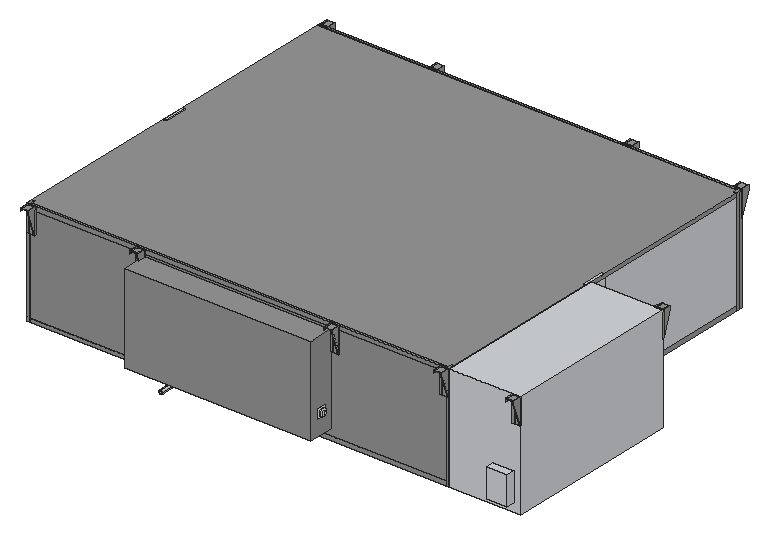
Revit family "НЕВАТОМ_Neiva 2 подвесная CX-Е-R 3000, Версия 2", category Оборудование, Revit 2017
Family settings
  Размер круглого соединителя = Использовать диаметр
  Тип детали = Нормальный
  На основе рабочей плоскости = Да
  Всегда вертикально = Нет
  При загрузке вырезать с полостями = Нет
  Общий = Нет
  Точка расчета площади = Нет
Parameters (values of type "СX-3000-E-R")
  а1 = 80 mm
  а = 577 mm
  Default Elevation = 0 mm
  m = 271 mm
  l1 = 900 mm
  l штуцер = 125 mm
  l двигателя = 350 mm
  l = 571 mm
  k = 20 mm
  h4 = 60 mm
  h3 = 346 mm
  h двигателя = 516 mm
  h = 30 mm
  d штуцер = 18 mm
  b1 = 122.962 mm
  b двигателя = 860 mm
  Nevatom_Производительность = "2000-4000 м³/ч"
  Nevatom_Напорная характеристика, Р1 = 900.0 Pa
  Nevatom_Напорная характеристика, P = 0.0 Pa
  Nevatom_Мощность нагревателя = 247500 W
  Nevatom_Для задания электроснабжения = "380 В"
  Nevatom_URL = "https://t.me/NEVATOM_Bim_bot"
  Nevatom_Q1, м³/ч = 3100.0 m³/h
  Nevatom_Q, м³/ч = 1100.0 m³/h
  L = 2045 mm
  H1 = 512 mm
  D PG 16 [instance] = 32 mm
  D PG 11 [instance] = 22 mm
  B = 1772 mm
  ADSK_материал = материал курпуса
  ADSK_Ток = 1.86 A
  ADSK_Расход жидкости = 0.0 m³/h
  ADSK_Расход воздуха = 0.0 m³/h
  ADSK_Размер_Ширина = B  # 1772 mm
  ADSK_Размер_Длина = L  # 2045 mm
  ADSK_Размер_Высота = 512 mm
  ADSK_Примечание = ""
  ADSK_Потеря давления воздуха = 0.0 Pa
  ADSK_Полная мощность = ADSK_Номинальная мощность / ADSK_Коэффициент мощности  # 1425 VA
  ADSK_Номинальная мощность = 1140 W
  ADSK_Напряжение = 400 V
  ADSK_Наименование = "СX-3000-E-R"
  ADSK_Масса = 285
  ADSK_Марка = "СX-3000-E-R"
  ADSK_Коэффициент мощности = 0.8  # constant formula
  ADSK_Количество фаз = 3
  ADSK_Количество = 1  # constant formula
  ADSK_Код изделия = ""
  ADSK_Классификация нагрузок = Двигатель
  ADSK_Завод-изготовитель = "НЕВАТОМ"  # constant formula
  ADSK_Единица измерения = "шт."
  ADSK_URL документации изделия = ""
  A6 = 420 mm
  A1 = 800 mm
Reference planes
  plane 1 "По центру (Вперед/Назад)": y = 0
  plane 2: z = 0
  plane 3 "По центру (Влево/Вправо)": x = 0
  plane 4: y = 886
  plane 5: y = -886
  plane 6: z = 512
  plane 7: x = 451.5
  plane 8: x = -448.5
  plane 9: z = 482
  plane 10: z = 20
  plane 11: z = 440
  plane 12: z = 136
  plane 13: z = -40
  plane 14: z = 476
  plane 15: y = -26
  plane 16: z = 462
  plane 17: y = -1008.962
  plane 18: y = -56
  plane 19: y = 56
  plane 20: y = -856
  plane 21: y = 856
  plane 22: x = 1372.5
Forms (mm)
  Extrusion 1, solid, material "материал курпуса" <- "ADSK_материал"
    sketch origin (0, 0, 0) x (-1, 0, 0) y (0, -1, 0)
      loop
        line (-1022.5, -886) -> (1022.5, -886) -> (1022.5, 886) -> (-1022.5, 886) -> (-1022.5, -886)
    from 0 to 20
  Extrusion 2, solid, material "материал курпуса" <- "ADSK_материал"
    sketch origin (0, 0, 0) x (-1, 0, 0) y (0, -1, 0)
      loop
        line (-448.5, 886) -> (451.5, 886) -> (451.5, 1008.962) -> (-448.5, 1008.962) -> (-448.5, 886)
    from 50 to 482
  Extrusion 3, solid, material "материал курпуса" <- "ADSK_материал"
    sketch origin (-1.306, 0, 283.026) x (-1, 0, 0) y (0, -1, 0)
      loop
        line (-1023.806, -886) -> (1021.194, -886) -> (1021.194, 886) -> (-1023.806, 886) -> (-1023.806, -886)
    from 208.974 to 228.974
  Extrusion 4, solid, material "материал курпуса" <- "ADSK_материал"
    sketch origin (0, -325, 0) x (-1, 0, 0) y (0, -1, 0)
      loop
        line (-1022.5, -1211) -> (1022.5, -1211) -> (1022.5, -1201) -> (-1022.5, -1201) -> (-1022.5, -1211)
    from 0 to 512
  Extrusion 5, solid, material "материал курпуса" <- "ADSK_материал"
    sketch origin (0, -1228.795, 0) x (-1, 0, 0) y (0, -1, 0)
      loop
        line (-1022.5, -352.795) -> (1022.5, -352.795) -> (1022.5, -342.795) -> (-1022.5, -342.795) -> (-1022.5, -352.795)
    from 0 to 512
  Extrusion 6, solid, material "материал курпуса" <- "ADSK_материал"
    sketch origin (0, -970, 0) x (0, 1, 0) y (0, 0, -1)
      loop
        line (114, -512) -> (114, 0) -> (84, 0) -> (84, -512) -> (114, -512)
    from 1010.934 to 1022.5
  Extrusion 7, solid, material "материал курпуса" <- "ADSK_материал"
    sketch origin (1425, 0, 0) x (0, 1, 0) y (0, 0, -1)
      loop
        line (886, -512) -> (886, 0) -> (856, 0) -> (856, -512) -> (886, -512)
    from 402.5 to 414.066
  Extrusion 8, solid, material "материал курпуса" <- "ADSK_материал"
    sketch origin (1425, -1046.075, 0) x (0, 1, 0) y (0, 0, -1)
      loop
        line (190.075, -512) -> (190.075, 0) -> (160.075, 0) -> (160.075, -512) -> (190.075, -512)
    from 402.5 to 414.066
  Extrusion 9, solid
    sketch origin (0, 0, 0) x (0, 1, 0) y (0, 0, -1)
      loop
        line (56, 0) -> (-56, 0) -> (-56, -512) -> (56, -512) -> (56, 0)
    from 1010.934 to 1022.5
  Extrusion 10, solid
    sketch origin (1350, 0, 0) x (0, 1, 0) y (0, 0, -1)
      loop
        line (56, 0) -> (-56, 0) -> (-56, -512) -> (56, -512) -> (56, 0)
    from 327.5 to 339.066
  Extrusion 11, solid
    sketch origin (0, 0, 0) x (-1, 0, 0) y (0, -1, 0)
      loop
        line (-1372.5, 26) -> (-1022.5, 26) -> (-1022.5, 886) -> (-1372.5, 886) -> (-1372.5, 26)
    from 0 to 512
  Extrusion 12, solid
    sketch origin (0, 0, 0) x (-1, 0, 0) y (0, -1, 0)
      loop
        line (1002.715, -856) -> (1022.5, -856) -> (1022.5, -56) -> (1002.715, -56) -> (1002.715, -856)
    from 20 to 492
  Extrusion 13, solid
    sketch origin (0, 0, 0) x (1, 0, 0) y (0, 1, 0)
      loop
        line (1002.715, 856) -> (1002.715, 56) -> (1022.5, 56) -> (1022.5, 856) -> (1002.715, 856)
    from 20 to 492
  Extrusion 14, solid
    sketch origin (0, 0, 0) x (-1, 0, 0) y (0, -1, 0)
      loop
        line (1002.715, 856) -> (1002.715, 56) -> (1022.5, 56) -> (1022.5, 856) -> (1002.715, 856)
    from 20 to 492
  Extrusion 15, solid
    sketch origin (0, 0, 0) x (1, 0, 0) y (0, 1, 0)
      loop
        line (1002.715, -856) -> (1022.5, -856) -> (1022.5, -56) -> (1002.715, -56) -> (1002.715, -856)
    from 20 to 342
  Extrusion 16, solid
    sketch origin (0, 0, 0) x (-1, 0, 0) y (0, 0, -1)
      loop
        line (-1337.04, -179.031) -> (-1237.04, -179.031) -> (-1237.04, -39.031) -> (-1337.04, -39.031) -> (-1337.04, -179.031)
    from 886 to 928
Lines and regions (mm)
  reference lines
    curve 1: line (1524.916, -456.002, 0) -> (464.25, -456.002, 0)
    curve 2: line (464.25, -456.002, 0) -> (-448.5, 456.748, 0)
    curve 3: line (-448.5, 456.748, 0) -> (-1252.5, 456.748, 0)
    curve 4: line (-1235.916, -456.002, 0) -> (-461.25, -456.002, 0)
    curve 5: line (-461.25, -456.002, 0) -> (451.5, 456.748, 0)
    curve 6: line (451.5, 456.748, 0) -> (1461.5, 456.748, 0)
    curve 7: line (0, -856, 510) -> (0, -856, 512)
    curve 8: line (1524.916, -456.002, 0) -> (1471.883, -509.035, 0)
    curve 9: line (1524.916, -456.002, 0) -> (1471.883, -402.969, 0)
    curve 10: line (-1252.5, 456.748, 0) -> (-1305.533, 403.715, 0)
    curve 11: line (-1252.5, 456.748, 0) -> (-1305.533, 509.781, 0)
    curve 12: line (1461.5, 456.748, 0) -> (1514.533, 403.715, 0)
    curve 13: line (1461.5, 456.748, 0) -> (1514.533, 509.781, 0)
    curve 14: line (-1235.916, -456.002, 0) -> (-1182.883, -509.035, 0)
    curve 15: line (-1235.916, -456.002, 0) -> (-1182.883, -402.969, 0)
Dimensions and locks
  equal spacing: plane 4, plane 1 "По центру (Вперед/Назад)", plane 5
  "B": plane 4 to plane 5
  "H1": plane 6 to level
  "A6": plane 10 to plane 11
  "h": plane 6 to plane 9
  "h3": plane 9 to plane 12
  "h4": plane 10 to plane 13
  "h двигателя": plane 14 to plane 13
  plane 9 to plane 16 = 20 mm
  "b двигателя": plane 15 to plane 5
  locked: Extrusion 4 to Extrusion 4 at 10
  locked: Extrusion 5 to Extrusion 5 at 10
  locked: plane 20 to Extrusion 5 at 30
  locked: Extrusion 6 to Extrusion 6 at 11.566
  locked: Extrusion 7 to Extrusion 7 at 11.566
  locked: Extrusion 8 to Extrusion 8 at 11.566
  locked: Extrusion 9 to Extrusion 9 at 11.566
  locked: Extrusion 10 to Extrusion 10 at 11.566
  "A1": plane 19 to plane 21
  "A1": plane 18 to plane 20
  locked: Extrusion 2 to nested 4 at 46.939
  locked: Extrusion 2 to nested 5 at 48.439
  locked: Extrusion 2 to nested 6 at 48.439
  locked: Extrusion 2 to nested 7 at 48.439
  locked: Extrusion 2 to nested 8 at 48.439
  locked: Extrusion 2 to nested 9 at 48.439
  locked: plane 17 to nested 10 at 48.439
  Extrusion 12 sketch curve to Extrusion 12 sketch curve = 19.785 mm
  locked: Extrusion 12 to Extrusion 12 at 19.785
  Extrusion 13 sketch curve to Extrusion 13 sketch curve = 19.785 mm
  locked: Extrusion 13 to Extrusion 13 at 19.785
  Extrusion 14 sketch curve to Extrusion 14 sketch curve = 19.785 mm
  locked: Extrusion 14 to Extrusion 14 at 19.785
  Extrusion 15 sketch curve to Extrusion 15 sketch curve = 19.785 mm
  locked: Extrusion 15 to Extrusion 15 at 19.785
  locked: Extrusion 16 to Extrusion 11 at 42
  aligned and locked: level to plane 2
  aligned and locked: Extrusion 2 sketch curve to plane 17
  aligned and locked: plane 20 to Extrusion 6
  aligned and locked: plane 20 to Extrusion 8
  aligned and locked: level to Extrusion 9 sketch curve
  aligned and locked: level to Extrusion 10
  aligned and locked: Extrusion 11 sketch curve to plane 22
  aligned and locked: plane 22 to nested 16  (x2)
  aligned and locked: nested 17 to plane 22
  aligned and locked: Extrusion 12 to plane 19
  aligned and locked: plane 21 to Extrusion 12
Automatic sketch dimensions
  curve 7 to plane 6 = 0 mm
  curve 7 to plane 20 = 0 mm
  curve 7 to plane 6 = 2 mm
  Extrusion 1 sketch curve to plane 5 = 0 mm
  Extrusion 1 sketch curve to plane 4 = 0 mm
  Extrusion 1 sketch curve to plane 22 = 350 mm
  plane 8 to Extrusion 1 sketch curve = 574 mm
  Extrusion 2 sketch curve to plane 5 = 0 mm
  plane 7 to Extrusion 2 sketch curve = 3 mm
  plane 8 to Extrusion 2 sketch curve = 3 mm
  Extrusion 3 sketch curve to plane 5 = 0 mm
  Extrusion 3 sketch curve to plane 4 = 0 mm
  plane 22 to Extrusion 3 sketch curve = 350 mm
  Extrusion 3 sketch curve to plane 8 = 574 mm
  Extrusion 4 sketch curve to plane 4 = 0 mm
  Extrusion 4 sketch curve to plane 4 = 10 mm
  plane 22 to Extrusion 4 sketch curve = 350 mm
  Extrusion 4 sketch curve to plane 8 = 574 mm
  Extrusion 5 sketch curve to plane 5 = 0 mm
  plane 22 to Extrusion 5 sketch curve = 350 mm
  Extrusion 5 sketch curve to plane 8 = 574 mm
  Extrusion 5 sketch curve to Extrusion 5 sketch curve = 10 mm
  Extrusion 6 sketch curve to plane 5 = 0 mm
  Extrusion 6 sketch curve to level = 0 mm
  Extrusion 6 sketch curve to plane 20 = 0 mm
  Extrusion 6 sketch curve to plane 6 = 0 mm
  Extrusion 7 sketch curve to plane 6 = 0 mm
  Extrusion 7 sketch curve to plane 21 = 0 mm
  Extrusion 7 sketch curve to level = 0 mm
  Extrusion 7 sketch curve to plane 4 = 0 mm
  Extrusion 8 sketch curve to plane 5 = 0 mm
  Extrusion 8 sketch curve to level = 0 mm
  Extrusion 8 sketch curve to plane 20 = 0 mm
  Extrusion 8 sketch curve to plane 6 = 0 mm
  Extrusion 9 sketch curve to plane 18 = 0 mm
  Extrusion 9 sketch curve to plane 6 = 0 mm
  Extrusion 9 sketch curve to plane 19 = 0 mm
  Extrusion 10 sketch curve to level = 0 mm
  Extrusion 10 sketch curve to plane 18 = 0 mm
  Extrusion 10 sketch curve to plane 6 = 0 mm
  Extrusion 10 sketch curve to plane 19 = 0 mm
  Extrusion 11 sketch curve to plane 5 = 0 mm
  Extrusion 11 sketch curve to plane 15 = 0 mm
  Extrusion 11 sketch curve to Extrusion 11 sketch curve = 350 mm
  plane 19 to Extrusion 12 sketch curve = 0 mm
  plane 21 to Extrusion 12 sketch curve = 0 mm
  plane 8 to Extrusion 12 sketch curve = 554.215 mm
  plane 19 to Extrusion 13 sketch curve = 0 mm
  plane 21 to Extrusion 13 sketch curve = 0 mm
  plane 22 to Extrusion 13 sketch curve = 369.785 mm
  plane 18 to Extrusion 14 sketch curve = 0 mm
  plane 20 to Extrusion 14 sketch curve = 0 mm
  Extrusion 14 sketch curve to plane 8 = 554.215 mm
  plane 18 to Extrusion 15 sketch curve = 0 mm
  plane 20 to Extrusion 15 sketch curve = 0 mm
  Extrusion 15 sketch curve to plane 22 = 369.785 mm
  Extrusion 16 sketch curve to plane 22 = 35.46 mm
  plane 10 to Extrusion 16 sketch curve = 19.031 mm
  Extrusion 16 sketch curve to Extrusion 16 sketch curve = 100 mm
  Extrusion 16 sketch curve to plane 12 = 43.031 mm
  curve 2 to plane 8 = 0 mm
  curve 4 to plane 8 = 12.75 mm
  curve 6 to plane 7 = 0 mm
  curve 14 to curve 4 = 774.666 mm
  plane 21 to curve 3 = 399.252 mm
  curve 3 to curve 2 = 804 mm
  plane 7 to curve 2 = 12.75 mm
  curve 8 to plane 22 = 152.416 mm
  curve 6 to plane 22 = 89 mm
  curve 8 to plane 20 = 399.998 mm
  curve 5 to plane 20 = 399.998 mm
  plane 21 to curve 12 = 399.252 mm
  curve 4 to curve 15 = 53.033 mm  (x2)
  curve 4 to curve 14 = 53.033 mm
  curve 10 to plane 19 = 347.715 mm
  curve 10 to curve 3 = 53.033 mm
  plane 21 to curve 11 = 346.219 mm
  curve 8 to curve 1 = 53.033 mm
  curve 9 to curve 1 = 53.033 mm
  curve 6 to curve 12 = 53.033 mm
  curve 12 to curve 6 = 53.033 mm
  curve 1 to curve 9 = 53.033 mm
  curve 13 to curve 13 = 53.033 mm
Nested families
  nested 1: "NEVATOM_кронштейн" at (-1003.344, -905.399, 385.206) x (-1, 0, 0) z (0, 0, 1), type "NEVATOM_кронштейн"
  nested 2: "NEVATOM_кронштейн" at (999.656, 905.399, 385.206) x (-1, 0, 0) z (0, 0, 1), type "NEVATOM_кронштейн"
  nested 3: "NEVATOM_кронштейн" at (-1003.344, 905.399, 385.206) x (-1, 0, 0) z (0, 0, 1), type "NEVATOM_кронштейн"
  nested 4: "NEVATOM_кабельный ввод PG" at (334.5, -946.023, 50) x (-1, 0, 0) z (0, 0, -1), D <- "D PG 16", type "Кабельный ввод PG"
    with h 22.4 mm, d 16 mm, D 32 mm
  nested 5: "NEVATOM_кабельный ввод PG" at (303, -949.523, 50) x (-1, 0, 0) z (0, 0, -1), D <- "D PG 11", type "Кабельный ввод PG"
    with h 15.4 mm, d 11 mm, D 22 mm
  nested 6: "NEVATOM_кабельный ввод PG" at (274.605, -949.523, 50) x (-1, 0, 0) z (0, 0, -1), D <- "D PG 11", type "Кабельный ввод PG"
    with h 15.4 mm, d 11 mm, D 22 mm
  nested 7: "NEVATOM_кабельный ввод PG" at (246.211, -949.523, 50) x (-1, 0, 0) z (0, 0, -1), D <- "D PG 11", type "Кабельный ввод PG"
    with h 15.4 mm, d 11 mm, D 22 mm
  nested 8: "NEVATOM_кабельный ввод PG" at (217.816, -949.523, 50) x (-1, 0, 0) z (0, 0, -1), D <- "D PG 11", type "Кабельный ввод PG"
    with h 15.4 mm, d 11 mm, D 22 mm
  nested 9: "NEVATOM_кабельный ввод PG" at (189.421, -949.523, 50) x (-1, 0, 0) z (0, 0, -1), D <- "D PG 11", type "Кабельный ввод PG"
    with h 15.4 mm, d 11 mm, D 22 mm
  nested 10: "NEVATOM_кабельный ввод PG" at (161.027, -949.523, 50) x (-1, 0, 0) z (0, 0, -1), D <- "D PG 11", type "Кабельный ввод PG"
    with h 15.4 mm, d 11 mm, D 22 mm
  nested 11: "NEVATOM_кронштейн" at (467.656, -905.399, 385.206) x (-1, 0, 0) z (0, 0, 1), type "NEVATOM_кронштейн"
  nested 12: "NEVATOM_кронштейн" at (-474.344, 905.399, 385.206) x (-1, 0, 0) z (0, 0, 1), type "NEVATOM_кронштейн"
  nested 13: "NEVATOM_кронштейн" at (999.656, -905.399, 385.206) x (-1, 0, 0) z (0, 0, 1), type "NEVATOM_кронштейн"
  nested 14: "NEVATOM_кронштейн" at (-474.344, -905.399, 385.206) x (-1, 0, 0) z (0, 0, 1), type "NEVATOM_кронштейн"
  nested 15: "NEVATOM_кронштейн" at (467.656, 905.399, 385.206) x (-1, 0, 0) z (0, 0, 1), type "NEVATOM_кронштейн"
  nested 16: "NEVATOM_кронштейн" at (1349.656, -905.399, 385.206) x (-1, 0, 0) z (0, 0, 1), type "NEVATOM_кронштейн"
  nested 17: "NEVATOM_кронштейн" at (1349.656, -6.601, 385.206) x (-1, 0, 0) z (0, 0, 1), type "NEVATOM_кронштейн"
  nested 18: "NEVATOM_штуцер" at (-274, -886, 10) x (1, 0, 0) z (0, -1, 0), type "NEVATOM_штуцер"
    with d 18 mm
  nested 19: "NEVATOM_кабельный ввод PG" at (379.5, -946.023, 50) x (-1, 0, 0) z (0, 0, -1), D <- "D PG 16", type "Кабельный ввод PG"
    with h 22.4 mm, d 16 mm, D 32 mm
  nested 20: "NEVATOM_выключатель пластик" at (443.5, -948, 152) x (0, 1, 0) z (1, 0, 0), type "NEVATOM_выключатель пластик"
Connectors
  hvac at (-1022.5, -456, 256), driven by "A6", driven by "A1", driven by "ADSK_Расход воздуха"
    settings: on Extrusion 14, index 16, duct flow 0.0 m³/h, flow factor 0, pres drop 0.0 Pa, loss coef 0, conn angle 0.00°, conn width 800 mm, conn height 420 mm, conn diameter 609.6 mm, duct sys type 29, conn prof type 1, flow config 0, flow direction 2, loss method 0, conn ref index 18, conn util no, is conn primary yes, conn desc ""
  hvac at (-1022.5, 456, 256), driven by "A6", driven by "A1", driven by "ADSK_Расход воздуха"
    settings: on Extrusion 12, index 17, duct flow 0.0 m³/h, flow factor 0, pres drop 0.0 Pa, loss coef 0, conn angle 0.00°, conn width 800 mm, conn height 420 mm, conn diameter 609.6 mm, duct sys type 29, conn prof type 1, flow config 0, flow direction 1, loss method 0, conn ref index 19, conn util no, is conn primary no, conn desc ""
  hvac at (1022.5, 456, 256), driven by "A6", driven by "A1", driven by "ADSK_Расход воздуха"
    settings: on Extrusion 13, index 18, duct flow 0.0 m³/h, flow factor 0, pres drop 0.0 Pa, loss coef 0, conn angle 0.00°, conn width 800 mm, conn height 420 mm, conn diameter 609.6 mm, duct sys type 3, conn prof type 1, flow config 2, flow direction 1, loss method 0, conn ref index 16, conn util no, is conn primary no, conn desc ""
  hvac at (1372.5, -456, 256), driven by "A6", driven by "A1", driven by "ADSK_Расход воздуха"
    settings: on Extrusion 11, index 19, duct flow 0.0 m³/h, flow factor 0, pres drop 0.0 Pa, loss coef 0, conn angle 0.00°, conn width 800 mm, conn height 420 mm, conn diameter 609.6 mm, duct sys type 1, conn prof type 1, flow config 2, flow direction 2, loss method 0, conn ref index 17, conn util no, is conn primary no, conn desc ""
  piping at (-274, -1011, 10), diameter 18, driven by "d штуцер", driven by "ADSK_Расход жидкости"
    settings: on nested 18, index 20, connector inside diameter 609.6 mm, connector length 0 mm, flow factor 0, pipe flow 0.0 m³/h, pressure drop 0.0 Pa, fitting loss kfactor 0, connector angle 0.00°, fixture units 0, engagement length 0 mm, angle of deflection 0.00°, flow configuration 0, flow direction 0, fitting loss method 0, system type 19, joint type 0, gender type 0, connector reference index -1, connector utility 0, adjustable connector no, is connector primary yes, connector description ""
  electrical at (379.5, -946.023, 50), driven by "ADSK_Количество фаз", driven by "ADSK_Напряжение", driven by "ADSK_Полная мощность", driven by "ADSK_Коэффициент мощности"
    settings: on nested 19, index 21, voltage 400 V, apparent load 0 VA, apparent load phase1 1425 VA, apparent load phase2 0 VA, apparent load phase3 0 VA, power factor 0.8, load classification "Двигатель", number of poles 3, system type 31, power factor state 1, is connector primary yes, connector utility no, sub classification motor no, connector description ""
  electrical at (334.5, -946.023, 50), driven by "ADSK_Количество фаз", driven by "ADSK_Напряжение", driven by "ADSK_Полная мощность", driven by "ADSK_Коэффициент мощности"
    settings: on nested 4, index 22, voltage 400 V, apparent load 0 VA, apparent load phase1 1425 VA, apparent load phase2 0 VA, apparent load phase3 0 VA, power factor 0.8, load classification "Двигатель", number of poles 3, system type 31, power factor state 1, is connector primary no, connector utility no, sub classification motor no, connector description ""
  electrical at (303, -949.523, 50)
    settings: on nested 5, index 23, voltage 0 V, apparent load 0 VA, apparent load phase1 0 VA, apparent load phase2 0 VA, apparent load phase3 0 VA, power factor 1, load classification "Прочее", number of poles 1, system type 5, power factor state 1, is connector primary no, connector utility no, sub classification motor no, connector description ""
  electrical at (274.605, -949.523, 50)
    settings: on nested 6, index 24, voltage 0 V, apparent load 0 VA, apparent load phase1 0 VA, apparent load phase2 0 VA, apparent load phase3 0 VA, power factor 1, load classification "Прочее", number of poles 1, system type 5, power factor state 1, is connector primary no, connector utility no, sub classification motor no, connector description ""
  electrical at (246.211, -949.523, 50)
    settings: on nested 7, index 25, voltage 0 V, apparent load 0 VA, apparent load phase1 0 VA, apparent load phase2 0 VA, apparent load phase3 0 VA, power factor 1, load classification "Прочее", number of poles 1, system type 5, power factor state 1, is connector primary no, connector utility no, sub classification motor no, connector description ""
  electrical at (217.816, -949.523, 50)
    settings: on nested 8, index 26, voltage 0 V, apparent load 0 VA, apparent load phase1 0 VA, apparent load phase2 0 VA, apparent load phase3 0 VA, power factor 1, load classification "Прочее", number of poles 1, system type 5, power factor state 1, is connector primary no, connector utility no, sub classification motor no, connector description ""
  electrical at (189.421, -949.523, 50)
    settings: on nested 9, index 27, voltage 0 V, apparent load 0 VA, apparent load phase1 0 VA, apparent load phase2 0 VA, apparent load phase3 0 VA, power factor 1, load classification "Прочее", number of poles 1, system type 5, power factor state 1, is connector primary no, connector utility no, sub classification motor no, connector description ""
  electrical at (161.027, -949.523, 50)
    settings: on nested 10, index 28, voltage 0 V, apparent load 0 VA, apparent load phase1 0 VA, apparent load phase2 0 VA, apparent load phase3 0 VA, power factor 1, load classification "Прочее", number of poles 1, system type 5, power factor state 1, is connector primary no, connector utility no, sub classification motor no, connector description ""
Definition of nested family "NEVATOM_кронштейн"
  Reference planes
    plane 1 "По центру (Вперед/Назад)": y = 0
    plane 2: z = 0
    plane 3 "По центру (Влево/Вправо)": x = 0
  Forms (mm)
    Extrusion 1, solid
      sketch origin (-545.844, 366.399, 0) x (0, 1, 0) y (0, 0, 1)
        loop
          line (-351.118, 126.794) -> (-389, 126.794) -> (-389, 111.794) -> (-351.118, 3.126) -> (-351.118, 126.794)
      from 523 to 527.712
    Extrusion 2, solid
      sketch origin (-545.844, 301.399, 0) x (1, 0, 0) y (0, 0, 1)
        loop
          line (557.712, 126.794) -> (557.712, 123.742) -> (561.763, 123.742) -> (561.763, 111.794) -> (565, 111.794) -> (565, 126.794) -> (557.712, 126.794)
      from 286.118 to 324
    Extrusion 3, solid
      sketch origin (-545.844, 301.399, 20) x (1, 0, 0) y (0, 0, 1)
        loop
          line (565, -16.874) -> (565, 106.794) -> (553, 106.794) -> (553, -16.874) -> (565, -16.874)
      from 282 to 286.118
    Extrusion 4, solid
      sketch origin (-545.844, 301.399, 20) x (1, 0, 0) y (0, 0, 1)
        loop
          line (565, -16.874) -> (565, 106.794) -> (523, 106.794) -> (523, -16.874) -> (565, -16.874)
      from 282 to 286.118
    Extrusion 5, solid
      sketch origin (-545.844, 301.399, 0) x (1, 0, 0) y (0, 0, 1)
        loop
          line (527.712, 126.794) -> (527.712, 123.742) -> (561.763, 123.742) -> (561.763, 111.794) -> (565, 111.794) -> (565, 126.794) -> (527.712, 126.794)
      from 286.118 to 324
  Dimensions and locks
    aligned and locked: level to plane 2
Definition of nested family "NEVATOM_кабельный ввод PG"
  Parameters (values of type "Кабельный ввод PG")
    Default Elevation = 1219.2 mm
    h [instance] = 0.7 * D  # 21 mm
    d [instance] = 0.5 * D  # 15 mm
    D [instance] = 30 mm
  Reference planes
    plane 1 "По центру (Вперед/Назад)": y = 0
    plane 2: z = 0
    plane 3 "По центру (Влево/Вправо)": x = 0
    plane 4: y = 15
    plane 5: y = -15
    plane 6: x = -15
    plane 7: x = 15
    plane 8: through (0, 0, 1219.2) normal (-0.7071, 0.7071, 0)
    plane 9: through (0, 0, 1219.2) normal (-0.7071, -0.7071, 0)
    plane 10: through (10.607, -10.607, 1219.2) normal (-0.7071, 0.7071, 0)
    plane 11: through (-10.607, 10.607, 1219.2) normal (-0.7071, 0.7071, 0)
    plane 12: through (10.607, 10.607, 1219.2) normal (-0.7071, -0.7071, 0)
    plane 13: through (-10.607, -10.607, 1219.2) normal (-0.7071, -0.7071, 0)
    plane 14: z = 30
    plane 15: z = 21
  Forms (mm)
    Extrusion 1, solid
      sketch origin (0, 0, 0) x (1, 0, 0) y (0, 1, 0)
        loop
          line (-1219.2, 1219.2) -> (-1219.2, -1219.2) -> (1219.2, -1219.2) -> (1219.2, 1219.2) -> (-1219.2, 1219.2)
      from 0 to -304.8
    Extrusion 2, solid
      sketch origin (0, 0, 0) x (1, 0, 0) y (0, 1, 0)
        loop
          line (-6.213, 15) -> (-15, 6.213) -> (-15, -6.213) -> (-6.213, -15) -> (6.213, -15) -> (15, -6.213) -> (15, 6.213) -> (6.213, 15) -> (-6.213, 15)
      from 0 to 21
    Blend 3, solid
      base sketch origin (0, 0, 0) x (1, 0, 0) y (0, 1, 0)
        loop
          circle (0, 0) r 15
      top sketch origin (0, 0, 0) x (1, 0, 0) y (0, 1, 0)
        loop
          circle (0, 0) r 7.5
      from 21 to 30
    Extrusion 4, void
      sketch origin (0, 0, 0) x (1, 0, 0) y (0, 1, 0)
        loop
          circle (0, 0) r 7.5
      from 0 to 30
  Cuts and joins
    Extrusion 4 cuts Extrusion 2
    Extrusion 4 cuts Blend 3
    joined: Extrusion 2, Blend 3
  Dimensions and locks
    equal spacing: plane 6, plane 3 "По центру (Влево/Вправо)", plane 7
    equal spacing: plane 4, plane 1 "По центру (Вперед/Назад)", plane 5
    "D": plane 6 to plane 7
    "D": plane 4 to plane 5
    equal spacing: plane 11, plane 8, plane 10
    "D": plane 11 to plane 10
    equal spacing: plane 12, plane 9, plane 13
    "D": plane 12 to plane 13
    "D": plane 14 to Extrusion 1
    "h": plane 15 to Extrusion 1
    "D": diameter of Blend 3 sketch curve
    "d": diameter of Blend 3 sketch curve
    "d": diameter of Extrusion 4 sketch curve
    aligned and locked: plane 2 to Extrusion 1
    aligned and locked: level to Extrusion 1
    aligned and locked: Extrusion 2 sketch curve to plane 4
    aligned and locked: Extrusion 2 sketch curve to plane 12
    aligned and locked: plane 7 to Extrusion 2 sketch curve
    aligned and locked: plane 10 to Extrusion 2 sketch curve
    aligned and locked: plane 5 to Extrusion 2 sketch curve
    aligned and locked: plane 13 to Extrusion 2 sketch curve
    aligned and locked: Extrusion 2 sketch curve to plane 6
    aligned and locked: Extrusion 2 sketch curve to plane 11
    aligned and locked: plane 15 to Extrusion 2
    aligned and locked: plane 14 to Blend 3
    aligned and locked: Blend 3 to plane 15
    aligned and locked: plane 14 to Extrusion 4
  Automatic sketch dimensions
    Extrusion 1 sketch curve to Extrusion 1 sketch curve = 2438.4 mm  (x2)
    plane 1 "По центру (Вперед/Назад)" to Blend 3 sketch curve = 0 mm  (x2)
    Blend 3 sketch curve to plane 3 "По центру (Влево/Вправо)" = 0 mm  (x2)
    plane 1 "По центру (Вперед/Назад)" to Extrusion 4 sketch curve = 0 mm
    Extrusion 4 sketch curve to plane 3 "По центру (Влево/Вправо)" = 0 mm
Definition of nested family "NEVATOM_штуцер"
  Parameters (values of type "NEVATOM_штуцер")
    Default Elevation = 1219.2 mm
    h = 125 mm
    d1 = 15 mm
    d [instance] = 18 mm
  Reference planes
    plane 1 "По центру (Вперед/Назад)": y = 0
    plane 2: z = 0
    plane 3 "По центру (Влево/Вправо)": x = 0
    plane 4: z = 125
  Forms (mm)
    Extrusion 1, solid
      sketch origin (0, 0, 0) x (1, 0, 0) y (0, 1, 0)
        loop
          line (-1219.2, 1219.2) -> (-1219.2, -1219.2) -> (1219.2, -1219.2) -> (1219.2, 1219.2) -> (-1219.2, 1219.2)
      from 0 to -304.8
    Extrusion 2, solid
      sketch origin (0, 0, 0) x (1, 0, 0) y (0, 1, 0)
        loop
          circle (0, 0) r 9
        loop
          circle (0, 0) r 7.5
      from 0 to 125
  Dimensions and locks
    "h": plane 4 to level
    "d1": diameter of Extrusion 2 sketch curve
    "d": diameter of Extrusion 2 sketch curve
    aligned and locked: plane 2 to Extrusion 1
    aligned and locked: level to Extrusion 1
    aligned and locked: Extrusion 2 to level
    aligned and locked: plane 4 to Extrusion 2
  Automatic sketch dimensions
    Extrusion 1 sketch curve to Extrusion 1 sketch curve = 2438.4 mm  (x2)
    Extrusion 2 sketch curve to Extrusion 2 sketch curve = 0 mm  (x2)
    plane 1 "По центру (Вперед/Назад)" to Extrusion 2 sketch curve = 0 mm
    Extrusion 2 sketch curve to plane 3 "По центру (Влево/Вправо)" = 0 mm
Definition of nested family "NEVATOM_выключатель пластик"
  Parameters (values of type "NEVATOM_выключатель пластик")
    Default Elevation = 1219.2 mm
    h = 18 mm
    b = 44 mm
    a = 44 mm
  Reference planes
    plane 1 "По центру (Вперед/Назад)": y = 0
    plane 2: z = 0
    plane 3 "По центру (Влево/Вправо)": x = 0
    plane 4: x = -22
    plane 5: x = 22
    plane 6: y = -22
    plane 7: y = 22
    plane 8: z = 18
  Forms (mm)
    Extrusion 1, solid
      sketch origin (0, 0, 0) x (1, 0, 0) y (0, 1, 0)
        loop
          line (-22, 22) -> (-22, -22) -> (22, -22) -> (22, 22) -> (-22, 22)
      from 5 to 10
    Extrusion 2, solid
      sketch origin (0, 0, 0) x (1, 0, 0) y (0, 1, 0)
        loop
          circle (0, 0) r 17.083
        loop
          circle (0, 0) r 13.032
      from 10 to 20
    Extrusion 3, solid
      sketch origin (0, 0, 0) x (1, 0, 0) y (0, 1, 0)
        loop
          line (-1.523, -13.032) -> (1.565, -13.032) -> (1.565, 12.938) -> (-1.523, 12.938) -> (-1.523, -13.032)
      from 5 to 20
  Cuts and joins
    joined: Extrusion 1, Extrusion 2
  Dimensions and locks
    equal spacing: plane 7, plane 1 "По центру (Вперед/Назад)", plane 6
    "a": plane 7 to plane 6
    equal spacing: plane 4, plane 3 "По центру (Влево/Вправо)", plane 5
    "b": plane 4 to plane 5
    "h": plane 8 to level
    aligned and locked: level to plane 2
  Automatic sketch dimensions
    Extrusion 1 sketch curve to plane 4 = 0 mm
    Extrusion 1 sketch curve to plane 5 = 0 mm
    Extrusion 1 sketch curve to plane 6 = 0 mm
    Extrusion 1 sketch curve to plane 7 = 0 mm
    Extrusion 2 sketch curve to Extrusion 2 sketch curve = 0 mm  (x2)
    plane 1 "По центру (Вперед/Назад)" to Extrusion 2 sketch curve = 0 mm
    Extrusion 2 sketch curve to plane 3 "По центру (Влево/Вправо)" = 0 mm
    Extrusion 3 sketch curve to plane 3 "По центру (Влево/Вправо)" = 1.523 mm
    plane 3 "По центру (Влево/Вправо)" to Extrusion 3 sketch curve = 1.565 mm
    plane 6 to Extrusion 3 sketch curve = 8.968 mm
    Extrusion 3 sketch curve to plane 7 = 9.062 mm
    radius of Extrusion 2 sketch curve = 17.083 mm
    radius of Extrusion 2 sketch curve = 13.032 mm
